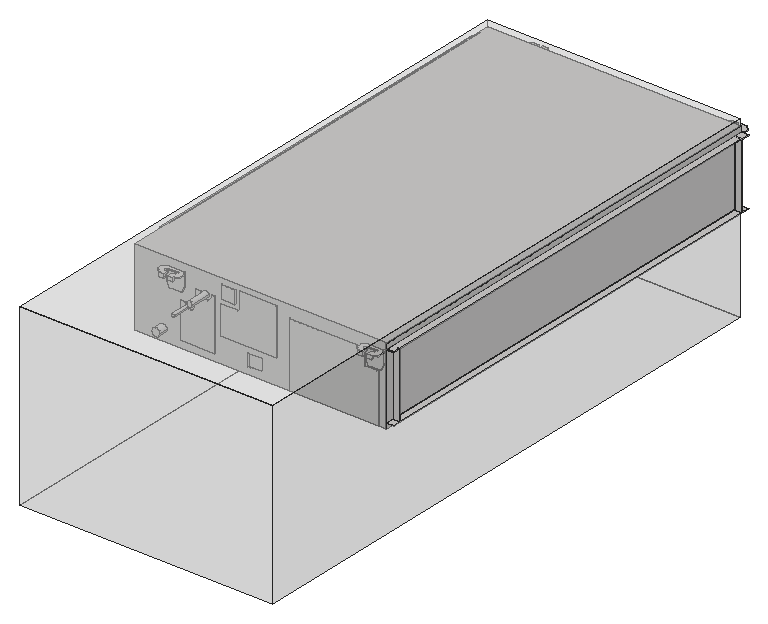
Revit family "outputfile", category 機械設備, Revit 2024
Family settings
  丸型コネクタ寸法 = 半径を使用
  パーツ タイプ = 標準
  OmniClass 番号 = 23.75.10.24.21.27.27
  OmniClass タイトル = Split System Air Conditioning Units
  作業面ベース = いいえ
  常に垂直 = はい
  ロード時にボイドで切り取り = いいえ
  注釈の向きを維持 = いいえ
  共有 = いいえ
  部屋計算ポイント = はい
Parameters (values of type "FBFC100DVM9")
  Description = ""
  製造元 = "Daikin"
  書き出し IFC クラス(タイプ) = "IfcUnitaryEquipmentType"
  定義済み IFC タイプ(タイプ) = "AIRCONDITIONINGUNIT"
  Cost = 0
  モデル = "FBFC100DVM9"
  Type Comments = ""
  Keynote = ""
  Type Image = (empty or 0)
  Assembly Code = ""
  switch_frequency = yes
  r_Liquid Pipe Size = Liquid Pipe Size / 2  # 4.75 mm
  r_Gas Pipe Size = Gas Pipe Size / 2  # 7.95 mm
  r_Drain Pipe Size = Drain Pipe Size / 2  # 12.5 mm
  lw_power = 770.0 mm  # constant formula
  lh_SA = 138.0 mm  # constant formula
  lw_SA = if(Depth = 550.0 mm, 225.0 mm, if(Depth = 700.0 mm, 300.0 mm, if(Depth = 1000.0 mm, 450.0 mm, if(Depth = 1400.0 mm, 650.0 mm, 725.0 mm))))  # 650.0 mm
  lw_RA = if(Depth = 550.0 mm, 275.0 mm, if(Depth = 700.0 mm, 349.0 mm, if(Depth = 1000.0 mm, 499.0 mm, if(Depth = 1400.0 mm, 699.0 mm, 775.0 mm))))  # 699.0 mm
  lh_power = 60.0 mm + [h***]  # 60.0 mm
  lh_mountinghole1 = lh_mountinghole + [h***]  # 222.0 mm
  lh_RA = 123.0 mm  # constant formula
  ld_power = Depth / 2  # 700.0 mm
  connector_voltage = Voltage_50Hz  # 230 V
  connector_powerinput = [Power Input (Cooling)]  # 0.000 kW
  connector_phase = Phase_50Hz  # 1
  Voltage_comment_50Hz = "220 - 240"
  Voltage_50Hz = 230 V
  URL = ""
  Supply Air Direction [instance] = yes
  Sound Power Level_H speed (dB) = 0
  Phase_50Hz = 1
  Minimum External Static Pressure = 50.00 Pa
  Minimum Circuit Amps_50Hz = 0.0 A
  Maximum Fuse Amps_50Hz = 0.0 A
  Maximum External Static Pressure = 150.00 Pa
  Material_Casing = DAIKIN_GalvanizedSteel_Casing_indoorunit
  lw_mountinghole = 630.0 mm  # constant formula
  lh_gaspipe = 183.0 mm + [h***]  # 183.0 mm
  lh_mountinghole = 222.0 mm  # constant formula
  lh_liquidpipe = 136.0 mm + [h***]  # 136.0 mm
  lh_drainpipe = 38.0 mm + [h***]  # 38.0 mm
  lh_antena = Height - lh_mountinghole + 1.0 mm  # 24.0 mm
  ld_drainpipe = Depth / 2 + 26.0 mm  # 726.0 mm
  ld_liquidpipe = Depth / 2 + 69.0 mm  # 769.0 mm
  ld_gaspipe = Depth / 2 + 65.0 mm  # 765.0 mm
  ld_mountinghole = Depth + 38.0 mm  # 1438.0 mm
  h*** = 0.0 mm  # constant formula
  lw_liquidpipe = 179.0 mm  # constant formula
  lw_gaspipe = 229.0 mm  # constant formula
  lw_drainpipe = 91.0 mm  # constant formula
  Width = 800.0 mm
  Version = "ver.1.0"
  Unit Type = "M.S.P. Duct"
  Unit Mass Weight = 46.00 kg
  Unit Designation [instance] = ""
  Uniclass2015Version = "Products v1.30"
  Uniclass2015Title = "Split coil room air conditioning units"
  Uniclass2015Code = "Pr_70_65_03_86"
  Total Cooling Capacity [instance] = 0.000 kW
  Sound Pressure Level_M speed (dBA) = 37.5
  Sound Pressure Level_L speed (dBA) = 35
  Sound Pressure Level_H speed (dBA) = 40
  Series = "SkyAir_Fan Coil Unit"
  Sensible Cooling Capacity [instance] = 0.000 kW
  SA Duct Size Width = 1192.0 mm
  SA Duct Size Height = 176.0 mm
  Refrigerant Type = "R32"
  RA Duct Size Width = 1352.0 mm
  RA Duct Size Height = 208.0 mm
  Power Input (Cooling) = 0.000 kW
  Option Accessory 3 [instance] = ""
  Option Accessory 2 [instance] = ""
  Option Accessory 1 [instance] = ""
  Nominal Cooling Capacity = 10.000 kW
  Minimum Airflow = 1500.00 m³/h
  Median Airflow = 1830.00 m³/h
  Maximum Airflow = 2160.00 m³/h
  Load Classification = HVAC
  Liquid Pipe Size = 9.5 mm
  Link_Nested Family [instance] = ""
  IfcVersion = ""
  IfcExportType = "AIRCONDITIONINGUNIT"
  IfcExportAs = "IfcUnitaryEquipmentType"
  Height = 245.0 mm
  Heat Exchanger Type = "Cross Fin Coil"
  Gas Pipe Size = 15.9 mm
  Frequency_50Hz = 50 Hz
  Fan Type = "Sirocco Fan"
  Fan Drive = "Direct Drive"
  FCU Tag No. [instance] = ""
  Drain Pipe Size = 25.0 mm
  Design Supply Airflow [instance] = 0.00 m³/h
  Design Return Airflow [instance] = 0.00 m³/h
  Design External Static Pressure [instance] = 0.00 Pa
  Depth = 1400.0 mm
  既定の高さ = 0.0 mm
  Cooling Entering Wet Bulb Temperature [instance] = 0.00 °C
  Cooling Entering Dry Bulb Temperature [instance] = 0.00 °C
  Cooling Ambient Wet Bulb Temperature [instance] = 0.00 °C
  Cooling Ambient Dry Bulb Temperature [instance] = 0.00 °C
  Clearance visibility [instance] = yes
  Clearance Top = 20.0 mm
  Clearance Right = 0.0 mm
  Clearance Rear = 0.0 mm
  Clearance Left = 0.0 mm
  Clearance Front = 450.0 mm
  Clearance Bottom = 300.0 mm
Reference planes
  plane 1 "Center (Front/Back)": y = 0
  plane 2 "h": z = 0
  plane 3 "Center (Left/Right)": x = 0
  plane 4 "Back": y = 700
  plane 5 "Front": y = -700
  plane 6 "Left": x = -400
  plane 7 "Right": x = 400
  plane 8 "Top": z = 0
  plane 9 "Bottom": z = -245
  plane 10: y = -215
  plane 11: y = 700
  plane 12: y = -1150
  plane 13: x = -400
  plane 14: x = 400
  plane 15: z = 20
  plane 16: z = -545
  plane 17: x = -400
  plane 18: x = -399
  plane 19: x = 399
  plane 20: y = 50
  plane 21: y = -1
  plane 22: z = -122
  plane 23: y = -701
  plane 24: z = -109
  plane 25: x = -221
  plane 26: y = -765
  plane 27: z = -62
  plane 28: x = -171
  plane 29: y = -726
  plane 30: z = -207
  plane 31: x = -309
  plane 32: x = -309
  plane 33: x = -221
  plane 34: x = -171
  plane 35: x = 370
  plane 36: x = -266
  plane 37: x = 364
  plane 38: y = -719
  plane 39: y = 719
  plane 40: z = -23
  plane 41: z = -107
  plane 42: y = -769
  plane 43: y = -376
  plane 44: x = -251
  plane 45: x = -203
  plane 46: x = -144
  plane 47: z = -59
  plane 48: z = -106
  plane 49: z = -221
  plane 50: z = -109
  plane 51: x = -221
  plane 52: z = -62
  plane 53: x = -171
  plane 54: z = -17
  plane 55: z = -59
  plane 56: x = -121
  plane 57: x = -79
  plane 58: x = -125
  plane 59: x = -64
  plane 60: x = 53
  plane 61: z = -164
  plane 62: z = -73
  plane 63: z = -16
  plane 64: x = 93.5
  plane 65: x = 374.5
  plane 66: x = 330
  plane 67: z = -88.5
  plane 68: z = -38
  plane 69: z = -242.5
  plane 70: x = -38.5
  plane 71: x = 6.5
  plane 72: z = -181
  plane 73: z = -221
  plane 74: y = -699
  plane 75: x = -424
  plane 76: x = 424
Forms (mm)
  Extrusion 1, solid, material "DAIKIN_GalvanizedSteel_Casing_indoorunit" <- "Material_Casing"
    sketch origin (0, 0, 0) x (1, 0, 0) y (0, 1, 0)
      loop
        line (-399, 700) -> (-399, -700) -> (399, -700) -> (399, 700) -> (-399, 700)
    from -245 to 0
  Extrusion 2, solid, material "DAIKIN_GalvanizedSteel_Casing_indoorunit" <- "Material_Casing"
    sketch origin (0, 0, 0) x (1, 0, 0) y (0, 0, 1)
      loop
        line (-251, -221) -> (-144, -221) -> (-144, -59) -> (-154.47, -59)
        arc (-154.47, -59) -> (-171, -78.8) -> (-187.53, -59) r 16.8
        line (-187.53, -59) -> (-203, -59) -> (-203, -106) -> (-206.916, -106)
        arc (-206.916, -106) -> (-221, -123.4) -> (-235.084, -106) r 14.4
        line (-235.084, -106) -> (-251, -106) -> (-251, -221)
    from 700 to 701
  Extrusion 3, solid, material "DAIKIN_GalvanizedSteel_Casing_indoorunit" <- "Material_Casing"
    sketch origin (0, 0, 0) x (1, 0, 0) y (0, 0, 1)
      loop
        line (-121, -17) -> (-121, -59) -> (-79, -59) -> (-79, -17) -> (-121, -17)
      loop
        line (-125, -73) -> (-125, -164) -> (53, -164) -> (53, -16) -> (-64, -16) -> (-64, -73) -> (-125, -73)
    from 700 to 701
  Extrusion 4, solid, material "DAIKIN_GalvanizedSteel_Casing_indoorunit" <- "Material_Casing"
    sketch origin (0, 0, 0) x (1, 0, 0) y (0, 0, 1)
      loop
        line (93.5, -38) -> (93.5, -242.5) -> (374.5, -242.5) -> (374.5, -88.5) -> (330, -88.5) -> (330, -38) -> (93.5, -38)
    from 700 to 701
  Extrusion 5, solid, material "DAIKIN_GalvanizedSteel_Casing_indoorunit" <- "Material_Casing"
    sketch origin (0, 0, 0) x (1, 0, 0) y (0, 0, 1)
      loop
        circle (-221, -109) r 4.75
    from 700 to 769
  Extrusion 6, solid, material "DAIKIN_GalvanizedSteel_Casing_indoorunit" <- "Material_Casing"
    sketch origin (0, 0, 0) x (1, 0, 0) y (0, 0, 1)
      loop
        circle (-171, -62) r 7.95
    from 700 to 765
  Extrusion 7, solid, material "DAIKIN_GalvanizedSteel_Casing_indoorunit" <- "Material_Casing"
    sketch origin (0, 0, 0) x (1, 0, 0) y (0, 0, 1)
      loop
        circle (-309, -207) r 12.5
    from 700 to 726
  Extrusion 8, void
    sketch origin (0, 0, 0) x (1, 0, 0) y (0, 0, 1)
      loop
        line (-38.5, -181) -> (-38.5, -221) -> (6.5, -221) -> (6.5, -181) -> (-38.5, -181)
    from 699 to 700
Cuts and joins
  Extrusion 8 cuts Extrusion 1
Dimensions and locks
  "Height": plane 8 "Top" to plane 9 "Bottom"
  equal spacing: plane 4 "Back", plane 1 "Center (Front/Back)", plane 5 "Front"
  "Depth": plane 4 "Back" to plane 5 "Front"
  equal spacing: plane 6 "Left", plane 3 "Center (Left/Right)", plane 7 "Right"
  "Width": plane 6 "Left" to plane 7 "Right"
  "Clearance Left": plane 13 to plane 6 "Left"
  "Clearance Right": plane 7 "Right" to plane 14
  "Clearance Rear": plane 11 to plane 4 "Back"
  "Clearance Front": plane 5 "Front" to plane 12
  "Clearance Top": plane 15 to plane 8 "Top"
  "Clearance Bottom": plane 9 "Bottom" to plane 16
  locked: plane 17 to plane 18 at 1
  locked: plane 19 to plane 14 at 1
  "lw_SA": plane 11 to plane 20
  "lw_RA": plane 21 to plane 5 "Front"
  "lh_RA": plane 22 to plane 9 "Bottom"
  locked: plane 5 "Front" to plane 23 at 1
  "lw_liquidpipe": plane 25 to plane 6 "Left"
  "lh_liquidpipe": plane 24 to plane 9 "Bottom"
  "lh_gaspipe": plane 27 to plane 9 "Bottom"
  "lw_gaspipe": plane 28 to plane 6 "Left"
  "ld_gaspipe": plane 26 to plane 1 "Center (Front/Back)"
  "ld_drainpipe": plane 29 to plane 1 "Center (Front/Back)"
  "lh_drainpipe": plane 30 to plane 9 "Bottom"
  "lw_drainpipe": plane 31 to plane 6 "Left"
  "lw_drainpipe": plane 6 "Left" to plane 32
  "lw_liquidpipe": plane 6 "Left" to plane 33
  "lw_gaspipe": plane 6 "Left" to plane 34
  "lw_power": plane 6 "Left" to plane 35
  locked: plane 17 to plane 36 at 134
  "lw_mountinghole": plane 36 to plane 37
  equal spacing: plane 38, plane 1 "Center (Front/Back)", plane 39
  "ld_mountinghole": plane 39 to plane 38
  "lh_mountinghole": plane 40 to plane 9 "Bottom"
  "lh_SA": plane 41 to plane 9 "Bottom"
  plane 46 to plane 45 to plane 44 to plane 6 "Left" = 59.0 mm, 48.0 mm, 149.0 mm
  plane 8 "Top" to plane 47 to plane 48 to plane 49 = 59.0 mm locked, 47.0 mm locked, 115.0 mm locked
  plane 53 to plane 51 to plane 6 "Left" = 50.0 mm locked, 179.0 mm locked
  plane 52 to plane 50 to plane 9 "Bottom" = 47.0 mm locked, 136.0 mm locked
  plane 57 to plane 56 to plane 6 "Left" = 42.0 mm locked, 279.0 mm locked
  plane 8 "Top" to plane 54 to plane 55 = 17.0 mm locked, 42.0 mm locked
  plane 60 to plane 59 to plane 58 to plane 6 "Left" = 117.0 mm, 61.0 mm, 275.0 mm
  plane 8 "Top" to plane 63 to plane 62 = 16.0 mm locked, 57.0 mm locked
  locked: plane 63 to plane 61 at 148
  plane 8 "Top" to plane 68 to plane 67 to plane 69 = 38.0 mm locked, 50.5 mm locked, 154.0 mm locked
  plane 65 to plane 66 to plane 64 to plane 6 "Left" = 44.5 mm locked, 236.5 mm locked, 493.5 mm locked
  plane 8 "Top" to plane 72 to plane 73 = 181.0 mm locked, 40.0 mm locked
  plane 71 to plane 70 to plane 6 "Left" = 45.0 mm, 361.5 mm
  locked: plane 74 to plane 5 "Front" at 1
  locked: plane 75 to plane 17 at 24
  locked: plane 14 to plane 76 at 24
  "ld_liquidpipe": plane 42 to plane 1 "Center (Front/Back)"
  "r_Liquid Pipe Size": radius of Extrusion 5 sketch curve
  "r_Gas Pipe Size": radius of Extrusion 6 sketch curve
  "r_Drain Pipe Size": radius of Extrusion 7 sketch curve
  aligned and locked: level to plane 2 "h"
  aligned and locked: plane 8 "Top" to Extrusion 1
  aligned and locked: Extrusion 1 to plane 9 "Bottom"
  aligned and locked: nested 5 to plane 12
  aligned and locked: plane 13 to nested 5
  aligned and locked: plane 14 to nested 5
  aligned and locked: nested 5 to plane 13
  aligned and locked: plane 11 to nested 5
  aligned and locked: plane 15 to nested 5
  aligned and locked: plane 16 to nested 5
  aligned and locked: plane 5 "Front" to Extrusion 1 sketch curve
  aligned and locked: Extrusion 1 to plane 18
  aligned and locked: plane 19 to Extrusion 1
  aligned and locked: nested 7 to plane 18
  aligned and locked: nested 7 to plane 20
  aligned and locked: plane 19 to nested 8
  aligned and locked: plane 21 to nested 8
  aligned and locked: plane 22 to nested 8
  aligned and locked: Extrusion 2 to plane 23
  aligned and locked: plane 5 "Front" to Extrusion 2
  aligned and locked: Extrusion 3 to plane 23
  aligned and locked: plane 5 "Front" to Extrusion 3
  aligned and locked: plane 5 "Front" to Extrusion 4
  aligned and locked: Extrusion 5 sketch curve to plane 25
  aligned and locked: plane 24 to Extrusion 5 sketch curve
  aligned and locked: plane 5 "Front" to Extrusion 5
  aligned and locked: Extrusion 6 sketch curve to plane 28
  aligned and locked: plane 27 to Extrusion 6 sketch curve
  aligned and locked: plane 5 "Front" to Extrusion 6
  aligned and locked: Extrusion 7 sketch curve to plane 31
  aligned and locked: plane 30 to Extrusion 7 sketch curve
  aligned and locked: Extrusion 7 to plane 29
  aligned and locked: nested 3 to plane 29
  aligned and locked: nested 3 to plane 32
  aligned and locked: nested 2 to plane 33
  aligned and locked: nested 1 to plane 34
  aligned and locked: Extrusion 6 to plane 26
  aligned and locked: nested 1 to plane 26
  aligned and locked: nested 6 to plane 5 "Front"
  aligned and locked: nested 6 to plane 35
  aligned and locked: plane 36 to nested 10
  aligned and locked: nested 10 to plane 5 "Front"
  aligned and locked: plane 37 to nested 9
  aligned and locked: nested 9 to plane 5 "Front"
  aligned and locked: nested 11 to plane 36
  aligned and locked: plane 4 "Back" to nested 11
  aligned and locked: nested 12 to plane 37
  aligned and locked: plane 4 "Back" to nested 12
  aligned and locked: plane 40 to nested 10
  aligned and locked: plane 40 to nested 11
  aligned and locked: plane 40 to nested 9
  aligned and locked: plane 40 to nested 12
  aligned and locked: plane 36 to nested 14
  aligned and locked: nested 14 to plane 39
  aligned and locked: plane 37 to nested 13
  aligned and locked: nested 13 to plane 39
  aligned and locked: plane 37 to nested 16
  aligned and locked: plane 38 to nested 16
  aligned and locked: plane 38 to nested 15
  aligned and locked: plane 36 to nested 15
  aligned and locked: plane 17 to plane 6 "Left"
  aligned and locked: plane 41 to nested 7
  aligned and locked: Extrusion 5 to plane 42
  aligned and locked: nested 2 to plane 42
  aligned and locked: Extrusion 3 sketch curve to plane 54
  aligned and locked: Extrusion 3 sketch curve to plane 56
  aligned and locked: plane 55 to Extrusion 3 sketch curve
  aligned and locked: plane 57 to Extrusion 3 sketch curve
  aligned and locked: Extrusion 4 to plane 23
  aligned and locked: Extrusion 8 sketch curve to plane 72
  aligned and locked: plane 73 to Extrusion 8 sketch curve
  aligned and locked: plane 71 to Extrusion 8 sketch curve
  aligned and locked: plane 5 "Front" to Extrusion 8
  aligned and locked: plane 74 to Extrusion 8
  aligned and locked: nested 17 to plane 20
  aligned and locked: nested 17 to plane 75
  aligned and locked: plane 21 to nested 18
  aligned and locked: plane 76 to nested 18
  aligned and locked: plane 41 to nested 17
  aligned and locked: nested 18 to plane 22
  aligned and locked: nested 4 to plane 3 "Center (Left/Right)"
  aligned and locked: plane 1 "Center (Front/Back)" to nested 4
  aligned and locked: level to plane 8 "Top"
  aligned and locked: plane 5 "Front" to Extrusion 7
Automatic sketch dimensions
  plane 6 "Left" to Extrusion 1 sketch curve = 1.0 mm
  Extrusion 1 sketch curve to plane 7 "Right" = 1.0 mm
  Extrusion 1 sketch curve to plane 4 "Back" = 0.0 mm
  Extrusion 2 sketch curve to plane 44 = 0.0 mm
  Extrusion 2 sketch curve to plane 33 = 0.0 mm
  Extrusion 2 sketch curve to plane 45 = 0.0 mm
  Extrusion 2 sketch curve to plane 34 = 0.0 mm
  Extrusion 2 sketch curve to plane 46 = 0.0 mm
  Extrusion 2 sketch curve to plane 49 = 0.0 mm
  Extrusion 2 sketch curve to plane 50 = 0.0 mm
  Extrusion 2 sketch curve to plane 48 = 0.0 mm  (x3)
  Extrusion 2 sketch curve to plane 52 = 0.0 mm
  Extrusion 2 sketch curve to plane 47 = 0.0 mm  (x3)
  plane 33 to Extrusion 2 sketch curve = 14.084 mm
  plane 34 to Extrusion 2 sketch curve = 16.53 mm
  Extrusion 3 sketch curve to plane 58 = 0.0 mm
  Extrusion 3 sketch curve to plane 59 = 0.0 mm
  Extrusion 3 sketch curve to plane 60 = 0.0 mm
  Extrusion 3 sketch curve to plane 61 = 0.0 mm
  Extrusion 3 sketch curve to plane 62 = 0.0 mm
  Extrusion 3 sketch curve to plane 63 = 0.0 mm
  Extrusion 4 sketch curve to plane 64 = 0.0 mm
  Extrusion 4 sketch curve to plane 66 = 0.0 mm
  Extrusion 4 sketch curve to plane 65 = 0.0 mm
  Extrusion 4 sketch curve to plane 69 = 0.0 mm
  Extrusion 4 sketch curve to plane 67 = 0.0 mm
  Extrusion 4 sketch curve to plane 68 = 0.0 mm
  Extrusion 8 sketch curve to plane 70 = 0.0 mm
Nested families
  nested 1: "daikin_connector_rotate2" at (-171, 0, -62), length <- "ld_gaspipe", built-in parameter 1001364 <- "lh_gaspipe", radius <- "r_Gas Pipe Size", type "daikin_connector_rotate2"
    with radius 7.95 mm, length 765.0 mm, angle_vertical 90.00°
  nested 2: "daikin_connector_rotate2" at (-221, 0, -109), length <- "ld_liquidpipe", built-in parameter 1001364 <- "lh_liquidpipe", radius <- "r_Liquid Pipe Size", type "daikin_connector_rotate2"
    with radius 4.75 mm, length 769.0 mm, angle_vertical 90.00°
  nested 3: "daikin_connector_rotate2" at (-309, 0, -207), length <- "ld_drainpipe", built-in parameter 1001364 <- "lh_drainpipe", radius <- "r_Drain Pipe Size", type "daikin_connector_rotate2"
    with radius 12.5 mm, length 726.0 mm, angle_vertical 90.00°
  nested 4: "daikin_△_symbolicline" at (0, 0, 245) x (0, -1, 0) z (0, 0, 1), built-in parameter 1001364 <- "Height", visible <- "Supply Air Direction", type "daikin_△_symbolicline"
    with length 200.0 mm
  nested 5: "daikin_clearancespace" at (0, -225, -262.381), visible <- "Clearance visibility", show <- "Clearance visibility", Link_Nested Family <- "Link_Nested Family", type "daikin_clearancespace"
    with width 800.0 mm, show yes, height 565.0 mm, depth 1850.0 mm, Link_Nested Family ""
  nested 6: "daikin_connector_rotate2" at (370, 0, -185), built-in parameter 1001364 <- "lh_power", length <- "ld_power", type "daikin_connector_rotate2"
    with radius 10.0 mm, length 700.0 mm, angle_vertical 90.00°
  nested 7: "daikin_ductflange_FBFC-DVM92" at (-399, 50, -107) x (0, -1, 0) z (0, 0, 1), type "daikin_ductflange_FBFC-DVM92"
  nested 8: "daikin_ductflange_FBFC-DVM9" at (399, -1, -122) x (0, 1, 0) z (0, 0, 1), type "daikin_ductflange_FBFC-DVM9"
    with width 1352.0 mm, lw 25.0 mm, w 1400.0 mm
  nested 9: "daikin_hangerfixture_FBFC-DVM9" at (364, -700, -23), type "daikin_hangerfixture_FBFC-DVM9"
  nested 10: "daikin_hangerfixture_FBFC-DVM9" at (-266, -700, -23), type "daikin_hangerfixture_FBFC-DVM9"
  nested 11: "daikin_hangerfixture_FBFC-DVM9" at (-266, 700, -23) x (-1, 0, 0) z (0, 0, 1), type "daikin_hangerfixture_FBFC-DVM9"
  nested 12: "daikin_hangerfixture_FBFC-DVM9" at (364, 700, -23) x (-1, 0, 0) z (0, 0, 1), type "daikin_hangerfixture_FBFC-DVM9"
  nested 13: "daikin_mountinghole" at (364, 719, -245), h_mountinghole <- "lh_mountinghole1", l_antenna <- "lh_antena", Link_Nested Family <- "Link_Nested Family", type "daikin_mountinghole"
    with show yes, l_antenna 24.0 mm, h_mountinghole 222.0 mm, Link_Nested Family ""
  nested 14: "daikin_mountinghole" at (-266, 719, -245), h_mountinghole <- "lh_mountinghole1", l_antenna <- "lh_antena", Link_Nested Family <- "Link_Nested Family", type "daikin_mountinghole"
    with show yes, l_antenna 24.0 mm, h_mountinghole 222.0 mm, Link_Nested Family ""
  nested 15: "daikin_mountinghole" at (-266, -719, -245), h_mountinghole <- "lh_mountinghole1", l_antenna <- "lh_antena", Link_Nested Family <- "Link_Nested Family", type "daikin_mountinghole"
    with show yes, l_antenna 24.0 mm, h_mountinghole 222.0 mm, Link_Nested Family ""
  nested 16: "daikin_mountinghole" at (364, -719, -245), h_mountinghole <- "lh_mountinghole1", l_antenna <- "lh_antena", Link_Nested Family <- "Link_Nested Family", type "daikin_mountinghole"
    with show yes, l_antenna 24.0 mm, h_mountinghole 222.0 mm, Link_Nested Family ""
  nested 17: "daikin_connector_rotate2" at (-400, 50, -107) x (0, -1, 0) z (0, 0, 1), type "daikin_connector_rotate2"
    with radius 10.0 mm, length 24.0 mm, angle_vertical 90.00°
  nested 18: "daikin_connector_rotate2" at (400, -1, -122) x (0, 1, 0) z (0, 0, 1), type "daikin_connector_rotate2"
    with radius 10.0 mm, length 24.0 mm, angle_vertical 90.00°
Connectors
  piping at (-309, -726, -207), diameter 25, driven by "r_Drain Pipe Size"
    settings: on nested 3, index 3, connector inside diameter 609.6 mm, connector length 0.0 mm, flow factor 0, pipe flow 0.00 m³/h, pressure drop 0.0 Pa, fitting loss kfactor 0, connector angle 0.00°, fixture units 0, engagement length 0.0 mm, angle of deflection 0.00°, flow configuration 1, flow direction 2, fitting loss method 4, system type 16, joint type 0, gender type 0, connector reference index -1, connector utility 0, adjustable connector no, is connector primary yes, connector description "Condensate Drain Piping"
  piping at (-171, -765, -62), diameter 15.9, driven by "r_Gas Pipe Size"
    settings: on nested 1, index 4, connector inside diameter 609.6 mm, connector length 0.0 mm, flow factor 0, pipe flow 0.00 m³/h, pressure drop 0.0 Pa, fitting loss kfactor 0, connector angle 0.00°, fixture units 0, engagement length 0.0 mm, angle of deflection 0.00°, flow configuration 1, flow direction 2, fitting loss method 0, system type 29, joint type 0, gender type 0, connector reference index -1, connector utility 0, adjustable connector no, is connector primary no, connector description "Refrigerant Gas Piping"
  piping at (-221, -769, -109), diameter 9.5, driven by "r_Liquid Pipe Size"
    settings: on nested 2, index 5, connector inside diameter 609.6 mm, connector length 0.0 mm, flow factor 0, pipe flow 0.00 m³/h, pressure drop 0.0 Pa, fitting loss kfactor 0, connector angle 0.00°, fixture units 0, engagement length 0.0 mm, angle of deflection 0.00°, flow configuration 1, flow direction 1, fitting loss method 0, system type 29, joint type 0, gender type 0, connector reference index -1, connector utility 0, adjustable connector no, is connector primary no, connector description "Refrigerant Liquid Piping"
  electrical at (370, -700, -185), driven by "Load Classification", driven by "connector_phase", driven by "connector_powerinput", driven by "connector_voltage"
    settings: on nested 6, index 6, voltage 230 V, apparent load 0 VA, apparent load phase1 0 VA, apparent load phase2 0 VA, apparent load phase3 0 VA, power factor 1, load classification "HVAC", number of poles 1, system type 30, power factor state 1, is connector primary yes, connector utility no, sub classification motor no, connector description "Power Supply"
  hvac at (-424, 50, -107), driven by "SA Duct Size Height", driven by "SA Duct Size Width"
    settings: on nested 17, index 7, duct flow 0.00 m³/h, flow factor 0, pres drop 0.00 Pa, loss coef 0, conn angle 0.00°, conn width 1192.0 mm, conn height 176.0 mm, conn diameter 609.6 mm, duct sys type 1, conn prof type 1, flow config 0, flow direction 2, loss method 4, conn ref index -1, conn util no, is conn primary yes, conn desc "SA Duct"
  hvac at (424, -1, -122), driven by "RA Duct Size Height", driven by "RA Duct Size Width"
    settings: on nested 18, index 8, duct flow 0.00 m³/h, flow factor 0, pres drop 0.00 Pa, loss coef 0, conn angle 0.00°, conn width 1352.0 mm, conn height 208.0 mm, conn diameter 609.6 mm, duct sys type 2, conn prof type 1, flow config 0, flow direction 1, loss method 4, conn ref index -1, conn util no, is conn primary no, conn desc "RA Duct"
Definition of nested family "daikin_clearancespace"
  Parameters (values of type "daikin_clearancespace")
    Description = "daikin_clearancespace"
    width [instance] = 1823.963 mm
    show [instance] = yes
    material = none
    height [instance] = 1359.762 mm
    depth [instance] = 880.0 mm
    Default Elevation = 0.0 mm
    Link_Nested Family [instance] = ""
  Reference planes
    plane 1 "Center (Front/Back)": y = 0
    plane 2 "Center (Elevation)": z = -0.119
    plane 3 "Center (Left/Right)": x = 0
    plane 4: y = 440
    plane 5: y = -440
    plane 6 "Right": x = 911.982
    plane 7 "Left": x = -911.982
    plane 8 "Top": z = 679.762
    plane 9 "Bottom": z = -680
  Forms (mm)
    Extrusion 1, solid, material <- "material", visible <- "show"
      sketch origin (0, 0, 0) x (1, 0, 0) y (0, 1, 0)
        loop
          line (-911.982, 440) -> (-911.982, -440) -> (911.982, -440) -> (911.982, 440) -> (-911.982, 440)
      from -680 to 679.762
  Lines and regions (mm)
    symbolic lines, visible <- "show"
      curve 1: line (911.982, 440, 0) -> (-911.982, 440, 0)
      curve 2: line (-911.982, 440, 0) -> (-911.982, -440, 0)
      curve 3: line (-911.982, -440, 0) -> (911.982, -440, 0)
      curve 4: line (911.982, -440, 0) -> (911.982, 440, 0)
      curve 5: line (911.982, 0, 679.762) -> (-911.982, 0, 679.762)
      curve 6: line (911.982, 0, -680) -> (911.982, 0, 679.762)
      curve 7: line (-911.982, 0, -680) -> (911.982, 0, -680)
      curve 8: line (-911.982, 0, 679.762) -> (-911.982, 0, -680)
      curve 9: line (0, 440, 679.762) -> (0, -440, 679.762)
      curve 10: line (0, -440, 679.762) -> (0, -440, -680)
      curve 11: line (0, 440, -680) -> (0, 440, 679.762)
      curve 12: line (0, -440, -680) -> (0, 440, -680)
  Dimensions and locks
    "width": plane 7 "Left" to plane 6 "Right"
    "depth": plane 4 to plane 5
    "height": plane 8 "Top" to plane 9 "Bottom"
    equal spacing: plane 7 "Left", plane 3 "Center (Left/Right)", plane 6 "Right"
    equal spacing: plane 4, plane 1 "Center (Front/Back)", plane 5
    equal spacing: plane 8 "Top", plane 2 "Center (Elevation)", plane 9 "Bottom"
    aligned and locked: level to plane 2 "Center (Elevation)"
    aligned and locked: Extrusion 1 sketch curve to plane 4
    aligned and locked: plane 7 "Left" to Extrusion 1 sketch curve
    aligned and locked: Extrusion 1 sketch curve to plane 5
    aligned and locked: Extrusion 1 sketch curve to plane 6 "Right"
    aligned and locked: plane 8 "Top" to Extrusion 1
    aligned and locked: curve 1 to Extrusion 1
    aligned and locked: curve 2 to Extrusion 1
    aligned and locked: curve 3 to Extrusion 1
    aligned and locked: curve 4 to Extrusion 1
    aligned and locked: curve 5 to Extrusion 1
    aligned and locked: curve 6 to Extrusion 1
    aligned and locked: curve 7 to Extrusion 1
    aligned and locked: curve 8 to Extrusion 1
    aligned and locked: curve 9 to Extrusion 1
    aligned and locked: curve 10 to Extrusion 1
    aligned and locked: curve 11 to Extrusion 1
    aligned and locked: curve 12 to Extrusion 1
    aligned and locked: Extrusion 1 to plane 9 "Bottom"
Definition of nested family "daikin_ductflange_FBFC-DVM92"
  Parameters (values of type "daikin_ductflange_FBFC-DVMG2")
    width = if(w = 550.0 mm, 337.0 mm, if(w = 700.0 mm, 492.0 mm, if(w = 1000.0 mm, 792.0 mm, if(w = 1400.0 mm, 1192.0 mm, 1337.0 mm))))  # 1192.0 mm
    material = none
    height = 215.0 mm
    depth = 1.0 mm
    w = 1400.0 mm
    Default Elevation = 0.0 mm
  Reference planes
    plane 1 "Center (Front/Back)": y = 0
    plane 2: z = 0
    plane 3 "Center (Left/Right)": x = 0
    plane 4: z = 88
    plane 5: z = -88
    plane 6: y = -25
    plane 7: z = 106
    plane 8: z = 89
    plane 9: y = -1
    plane 10: x = -617.5
    plane 11: x = 617.5
    plane 12: z = -106
    plane 13: z = -89
    plane 14: y = -1
    plane 15: x = 596
    plane 16: x = -596
    plane 17: x = 597
    plane 18: z = 87
    plane 19: z = -87
    plane 20: x = -597
    plane 21: z = 87
    plane 22: z = -87
    plane 23: y = -1
  Forms (mm)
    Extrusion 1, solid, material <- "material"
      sketch origin (0, 0, 0) x (0, 1, 0) y (0, 0, 1)
        loop
          line (-25, 88) -> (0, 88) -> (0, 106) -> (-1, 106) -> (-1, 89) -> (-25, 89) -> (-25, 88)
      from -617.5 to 617.5
    Extrusion 2, solid, material <- "material"
      sketch origin (0, 0, 0) x (0, 1, 0) y (0, 0, 1)
        loop
          line (-25, -88) -> (-25, -89) -> (-1, -89) -> (-1, -106) -> (0, -106) -> (0, -88) -> (-25, -88)
      from -617.5 to 617.5
    Extrusion 3, solid, material <- "material"
      sketch origin (0, 0, 0) x (1, 0, 0) y (0, 0, 1)
        loop
          line (596, 88) -> (596, -88) -> (617.5, -88) -> (617.5, -87) -> (597, -87) -> (597, 87) -> (617.5, 87) -> (617.5, 88) -> (596, 88)
      from 0 to 25
    Extrusion 4, solid, material <- "material"
      sketch origin (0, 0, 0) x (1, 0, 0) y (0, 0, 1)
        loop
          line (-617.5, 88) -> (-617.5, 87) -> (-597, 87) -> (-597, -87) -> (-617.5, -87) -> (-617.5, -88) -> (-596, -88) -> (-596, 88) -> (-617.5, 88)
      from 0 to 25
    Extrusion 5, solid, material <- "material"
      sketch origin (0, 0, 0) x (1, 0, 0) y (0, 0, 1)
        loop
          line (-617.5, 88) -> (-617.5, -88) -> (-596, -88) -> (-596, 88) -> (-617.5, 88)
        loop
          line (617.5, 88) -> (596, 88) -> (596, -88) -> (617.5, -88) -> (617.5, 88)
      from 0 to 1
  Cuts and joins
    joined: Extrusion 1, Extrusion 2, Extrusion 3, Extrusion 4, Extrusion 5
  Dimensions and locks
    plane 4 to level to plane 5 = 88.0 mm, 88.0 mm
    locked: plane 6 to plane 1 "Center (Front/Back)" at 25
    locked: plane 9 to plane 1 "Center (Front/Back)" at 1
    locked: plane 8 to plane 4 at 1
    locked: plane 16 to plane 10 at 21.5
    locked: plane 17 to plane 15 at 1
    locked: plane 4 to plane 18 at 1
    locked: plane 19 to plane 5 at 1
    "width": plane 15 to plane 16
    plane 4 to plane 5 = 176.0 mm
    locked: plane 16 to plane 20 at 1
    locked: plane 4 to plane 21 at 1
    locked: plane 22 to plane 5 at 1
    locked: plane 23 to plane 1 "Center (Front/Back)" at 1
    plane 4 to level to plane 5 = 88.0 mm locked, 88.0 mm locked
    locked: plane 5 to plane 13 at 1
    locked: plane 5 to plane 12 at 18
    locked: plane 7 to plane 4 at 18
    equal spacing: plane 15, plane 3 "Center (Left/Right)", plane 16
    locked: plane 11 to plane 15 at 21.5
    plane 11 to plane 10 = 1235.0 mm
    aligned and locked: level to plane 2
    aligned and locked: Extrusion 1 to plane 10
    aligned and locked: plane 11 to Extrusion 1
    aligned and locked: plane 5 to Extrusion 2
    aligned and locked: Extrusion 2 to plane 1 "Center (Front/Back)"
    aligned and locked: plane 15 to Extrusion 3 sketch curve
    aligned and locked: Extrusion 3 sketch curve to Extrusion 2  (x2)
    aligned and locked: Extrusion 3 sketch curve to plane 11
    aligned and locked: plane 6 to Extrusion 3
    aligned and locked: Extrusion 2 to plane 10
    aligned and locked: plane 11 to Extrusion 2
    aligned and locked: Extrusion 4 sketch curve to Extrusion 1  (x2)
    aligned and locked: plane 5 to Extrusion 4 sketch curve
    aligned and locked: Extrusion 4 sketch curve to plane 16
    aligned and locked: Extrusion 4 sketch curve to plane 22
    aligned and locked: plane 20 to Extrusion 4 sketch curve
    aligned and locked: plane 21 to Extrusion 4 sketch curve
    aligned and locked: Extrusion 4 to plane 1 "Center (Front/Back)"
    aligned and locked: plane 6 to Extrusion 4
    aligned and locked: Extrusion 5 sketch curve to Extrusion 1  (x4)
    aligned and locked: Extrusion 5 sketch curve to Extrusion 4  (x2)
    aligned and locked: Extrusion 5 sketch curve to Extrusion 3  (x2)
    aligned and locked: Extrusion 5 to plane 1 "Center (Front/Back)"
    aligned and locked: plane 23 to Extrusion 5
  Automatic sketch dimensions
    Extrusion 1 sketch curve to plane 6 = 0.0 mm
    Extrusion 1 sketch curve to plane 7 = 0.0 mm
    Extrusion 1 sketch curve to plane 9 = 0.0 mm
    Extrusion 1 sketch curve to plane 1 "Center (Front/Back)" = 0.0 mm
    Extrusion 1 sketch curve to plane 4 = 0.0 mm
    Extrusion 1 sketch curve to plane 8 = 0.0 mm
    Extrusion 2 sketch curve to plane 6 = 0.0 mm
    plane 12 to Extrusion 2 sketch curve = 0.0 mm
    Extrusion 2 sketch curve to plane 14 = 0.0 mm
    Extrusion 2 sketch curve to plane 1 "Center (Front/Back)" = 0.0 mm
    plane 13 to Extrusion 2 sketch curve = 0.0 mm
    Extrusion 2 sketch curve to plane 5 = 0.0 mm
    Extrusion 3 sketch curve to plane 17 = 0.0 mm
    Extrusion 3 sketch curve to plane 19 = 0.0 mm
    Extrusion 3 sketch curve to plane 18 = 0.0 mm
    Extrusion 3 sketch curve to plane 4 = 0.0 mm
    Extrusion 4 sketch curve to plane 10 = 0.0 mm
Definition of nested family "daikin_ductflange_FBFC-DVM9"
  Parameters (values of type "daikin_ductflange_FBFC-DVMG")
    width = if(w = 550.0 mm, 502.0 mm, if(w = 700.0 mm, 654.0 mm, if(w = 1000.0 mm, 952.0 mm, if(w = 1400.0 mm, 1352.0 mm, 1502.0 mm))))  # 654.0 mm
    material = none
    lw = if(width = 654.0 mm, 23.0 mm, 25.0 mm)  # 23.0 mm
    height = 208.0 mm
    depth = 1.0 mm
    w = 700.0 mm
    Default Elevation = 0.0 mm
  Reference planes
    plane 1 "Center (Front/Back)": y = 0
    plane 2: z = 0
    plane 3 "Center (Left/Right)": x = 0
    plane 4: z = 104
    plane 5: z = -104
    plane 6: y = -25
    plane 7: z = 121
    plane 8: z = 105
    plane 9: y = -1
    plane 10: x = -350
    plane 11: x = 350
    plane 12: z = -122
    plane 13: z = -105
    plane 14: y = -1
    plane 15: x = 327
    plane 16: x = -327
    plane 17: x = 328
    plane 18: z = 103
    plane 19: z = -103
    plane 20: x = -328
    plane 21: z = 103
    plane 22: z = -103
    plane 23: y = -1
  Forms (mm)
    Extrusion 1, solid, material <- "material"
      sketch origin (0, 0, 0) x (0, 1, 0) y (0, 0, 1)
        loop
          line (-25, 104) -> (0, 104) -> (0, 121) -> (-1, 121) -> (-1, 105) -> (-25, 105) -> (-25, 104)
      from -350 to 350
    Extrusion 2, solid, material <- "material"
      sketch origin (0, 0, 0) x (0, 1, 0) y (0, 0, 1)
        loop
          line (-25, -104) -> (-25, -105) -> (-1, -105) -> (-1, -122) -> (0, -122) -> (0, -104) -> (-25, -104)
      from -350 to 350
    Extrusion 3, solid, material <- "material"
      sketch origin (0, 0, 0) x (1, 0, 0) y (0, 0, 1)
        loop
          line (327, 104) -> (327, -104) -> (350, -104) -> (350, -103) -> (328, -103) -> (328, 103) -> (350, 103) -> (350, 104) -> (327, 104)
      from 0 to 25
    Extrusion 4, solid, material <- "material"
      sketch origin (0, 0, 0) x (1, 0, 0) y (0, 0, 1)
        loop
          line (-350, 104) -> (-350, 103) -> (-328, 103) -> (-328, -103) -> (-350, -103) -> (-350, -104) -> (-327, -104) -> (-327, 104) -> (-350, 104)
      from 0 to 25
    Extrusion 5, solid, material <- "material"
      sketch origin (0, 0, 0) x (1, 0, 0) y (0, 0, 1)
        loop
          line (-350, 104) -> (-350, -104) -> (-327, -104) -> (-327, 104) -> (-350, 104)
        loop
          line (350, 104) -> (327, 104) -> (327, -104) -> (350, -104) -> (350, 104)
      from 0 to 1
  Cuts and joins
    joined: Extrusion 1, Extrusion 2, Extrusion 3, Extrusion 4, Extrusion 5
  Dimensions and locks
    plane 4 to level to plane 5 = 104.0 mm, 104.0 mm
    locked: plane 6 to plane 1 "Center (Front/Back)" at 25
    locked: plane 9 to plane 1 "Center (Front/Back)" at 1
    locked: plane 8 to plane 4 at 1
    "lw": plane 11 to plane 15
    "lw": plane 16 to plane 10
    locked: plane 17 to plane 15 at 1
    locked: plane 4 to plane 18 at 1
    locked: plane 19 to plane 5 at 1
    "width": plane 15 to plane 16
    equal spacing: plane 15, plane 3 "Center (Left/Right)", plane 16
    locked: plane 16 to plane 20 at 1
    locked: plane 4 to plane 21 at 1
    locked: plane 22 to plane 5 at 1
    locked: plane 23 to plane 1 "Center (Front/Back)" at 1
    locked: plane 7 to plane 4 at 17
    locked: plane 1 "Center (Front/Back)" to plane 14 at 1
    locked: plane 5 to plane 13 at 1
    "height": plane 4 to plane 5
    plane 11 to plane 10 = 700.0 mm
    locked: plane 12 to plane 13 at 17
    equal spacing: plane 4, level, plane 5
    aligned and locked: level to plane 2
    aligned and locked: Extrusion 1 to plane 10
    aligned and locked: plane 11 to Extrusion 1
    aligned and locked: plane 5 to Extrusion 2
    aligned and locked: Extrusion 2 to plane 1 "Center (Front/Back)"
    aligned and locked: plane 15 to Extrusion 3 sketch curve
    aligned and locked: Extrusion 3 sketch curve to Extrusion 2  (x2)
    aligned and locked: Extrusion 3 sketch curve to plane 11
    aligned and locked: plane 6 to Extrusion 3
    aligned and locked: Extrusion 2 to plane 10
    aligned and locked: plane 11 to Extrusion 2
    aligned and locked: Extrusion 4 sketch curve to Extrusion 1  (x2)
    aligned and locked: plane 5 to Extrusion 4 sketch curve
    aligned and locked: Extrusion 4 sketch curve to plane 16
    aligned and locked: Extrusion 4 sketch curve to plane 22
    aligned and locked: plane 20 to Extrusion 4 sketch curve
    aligned and locked: plane 21 to Extrusion 4 sketch curve
    aligned and locked: Extrusion 4 to plane 1 "Center (Front/Back)"
    aligned and locked: plane 6 to Extrusion 4
    aligned and locked: Extrusion 5 sketch curve to Extrusion 1  (x4)
    aligned and locked: Extrusion 5 sketch curve to Extrusion 4  (x2)
    aligned and locked: Extrusion 5 sketch curve to Extrusion 3  (x2)
    aligned and locked: Extrusion 5 to plane 1 "Center (Front/Back)"
    aligned and locked: plane 23 to Extrusion 5
  Automatic sketch dimensions
    Extrusion 1 sketch curve to plane 6 = 0.0 mm
    Extrusion 1 sketch curve to plane 7 = 0.0 mm
    Extrusion 1 sketch curve to plane 9 = 0.0 mm
    Extrusion 1 sketch curve to plane 1 "Center (Front/Back)" = 0.0 mm
    Extrusion 1 sketch curve to plane 4 = 0.0 mm
    Extrusion 1 sketch curve to plane 8 = 0.0 mm
    Extrusion 2 sketch curve to plane 6 = 0.0 mm
    plane 12 to Extrusion 2 sketch curve = 0.0 mm
    Extrusion 2 sketch curve to plane 14 = 0.0 mm
    Extrusion 2 sketch curve to plane 1 "Center (Front/Back)" = 0.0 mm
    plane 13 to Extrusion 2 sketch curve = 0.0 mm
    Extrusion 2 sketch curve to plane 5 = 0.0 mm
    Extrusion 3 sketch curve to plane 17 = 0.0 mm
    Extrusion 3 sketch curve to plane 19 = 0.0 mm
    Extrusion 3 sketch curve to plane 18 = 0.0 mm
    Extrusion 3 sketch curve to plane 4 = 0.0 mm
    Extrusion 4 sketch curve to plane 10 = 0.0 mm
Definition of nested family "daikin_hangerfixture_FBFC-DVM9"
  Parameters (values of type "daikin_hangerfixture_FXMQ-PAVE")
    width = 72.0 mm
    material = none
    height = 60.0 mm
    depth = 41.0 mm
    Default Elevation = 0.0 mm
  Reference planes
    plane 1 "Center (Front/Back)": y = 0
    plane 2: z = 0
    plane 3 "Center (Left/Right)": x = 0
    plane 4: y = 417.146
    plane 5: y = -41
    plane 6: x = -36
    plane 7: x = 36
    plane 8: z = -2.3
    plane 9: z = -60
    plane 10: y = -2.3
    plane 11: z = -12
    plane 12: y = -38.7
  Forms (mm)
    Extrusion 1, solid, material <- "material"
      sketch origin (0, 0, 0) x (1, 0, 0) y (0, 1, 0)
        loop
          line (-28, 0) -> (-28, -5)
          arc (-28, -5) -> (-29.127, -8.162) -> (-32, -9.899) r 5
          arc (-32, -9.899) -> (-34.873, -11.636) -> (-36, -14.798) r 5
          line (-36, -14.798) -> (-36, -27.178)
          arc (-36, -27.178) -> (-35.429, -29.499) -> (-33.846, -31.289) r 5
          line (-33.846, -31.289) -> (-23, -38.798) -> (-23, -41.098) -> (-6.5, -41.098) -> (-6.5, -28.498)
          arc (-6.5, -28.498) -> (-7.379, -26.377) -> (-9.5, -25.498) r 3
          line (-9.5, -25.498) -> (-13.5, -25.498)
          arc (-13.5, -25.498) -> (-20, -18.998) -> (-13.5, -12.498) r 6.5
          line (-13.5, -12.498) -> (13.5, -12.498)
          arc (13.5, -12.498) -> (20, -18.998) -> (13.5, -25.498) r 6.5
          line (13.5, -25.498) -> (9.5, -25.498)
          arc (9.5, -25.498) -> (7.379, -26.377) -> (6.5, -28.498) r 3
          line (6.5, -28.498) -> (6.5, -41.098) -> (23, -41.098) -> (23, -38.798) -> (33.846, -31.289)
          arc (33.846, -31.289) -> (35.429, -29.499) -> (36, -27.178) r 5
          line (36, -27.178) -> (36, -14.596)
          arc (36, -14.596) -> (34.873, -11.434) -> (32, -9.697) r 5
          arc (32, -9.697) -> (29.127, -7.96) -> (28, -4.798) r 5
          line (28, -4.798) -> (28, 0) -> (-28, 0)
      from 0 to -2.3
    Extrusion 2, solid, material <- "material"
      sketch origin (0, 0, 0) x (1, 0, 0) y (0, 0, 1)
        loop
          line (28, -39.037) -> (28, 0) -> (-28, 0) -> (-28, -39.037)
          arc (-28, -39.037) -> (-27.91, -39.983) -> (-27.642, -40.894) r 5
          line (-27.642, -40.894) -> (-21.257, -56.857)
          arc (-21.257, -56.857) -> (-19.418, -59.14) -> (-16.615, -60) r 5
          line (-16.615, -60) -> (16.615, -60)
          arc (16.615, -60) -> (19.418, -59.14) -> (21.257, -56.857) r 5
          line (21.257, -56.857) -> (27.642, -40.894)
          arc (27.642, -40.894) -> (27.91, -39.983) -> (28, -39.037) r 5
      from 0 to 2.3
    Extrusion 3, solid, material <- "material"
      sketch origin (0, 0, 0) x (1, 0, 0) y (0, 0, 1)
        loop
          line (-23, 0) -> (-23, -9)
          arc (-23, -9) -> (-22.121, -11.121) -> (-20, -12) r 3
          line (-20, -12) -> (-9.5, -12)
          arc (-9.5, -12) -> (-7.379, -11.121) -> (-6.5, -9) r 3
          line (-6.5, -9) -> (-6.5, 0) -> (-23, 0)
        loop
          line (23, 0) -> (6.5, 0) -> (6.5, -9)
          arc (6.5, -9) -> (7.379, -11.121) -> (9.5, -12) r 3
          line (9.5, -12) -> (20, -12)
          arc (20, -12) -> (22.121, -11.121) -> (23, -9) r 3
          line (23, -9) -> (23, 0)
      from 38.8 to 41.098
  Cuts and joins
    joined: Extrusion 1, Extrusion 2, Extrusion 3
  Dimensions and locks
    plane 2 to plane 8 = 2.3 mm
    "height": plane 2 to plane 9
    locked: plane 10 to plane 1 "Center (Front/Back)" at 2.3
    locked: plane 2 to plane 11 at 12
    locked: plane 12 to plane 5 at 2.3
    aligned and locked: level to plane 2
    aligned and locked: Extrusion 1 to plane 8
    aligned and locked: plane 2 to Extrusion 1
    aligned and locked: plane 2 to Extrusion 2 sketch curve
    aligned and locked: Extrusion 2 to plane 10
    aligned and locked: Extrusion 2 to plane 1 "Center (Front/Back)"
    aligned and locked: Extrusion 3 sketch curve to cut or joined group of Extrusion 1, Extrusion 2, Extrusion 3  (x3)
    aligned and locked: cut or joined group of Extrusion 1, Extrusion 2, Extrusion 3 to Extrusion 3
  Automatic sketch dimensions
    Extrusion 2 sketch curve to plane 7 = 8.0 mm
    Extrusion 2 sketch curve to plane 8 = 36.737 mm
    plane 6 to Extrusion 2 sketch curve = 19.385 mm
    Extrusion 1 sketch curve to plane 6 = 0.0 mm
    plane 1 "Center (Front/Back)" to Extrusion 1 sketch curve = 0.0 mm
    Extrusion 1 sketch curve to plane 7 = 0.0 mm
    plane 6 to Extrusion 1 sketch curve = 2.154 mm
    plane 6 to Extrusion 1 sketch curve = 3.0 mm
    Extrusion 1 sketch curve to Extrusion 1 sketch curve = 5.0 mm  (x3)
    Extrusion 1 sketch curve to plane 12 = 0.098 mm  (x2)
    Extrusion 1 sketch curve to Extrusion 1 sketch curve = 4.0 mm  (x2)
    Extrusion 1 sketch curve to plane 5 = 0.098 mm  (x2)
    Extrusion 1 sketch curve to plane 3 "Center (Left/Right)" = 6.5 mm
    plane 3 "Center (Left/Right)" to Extrusion 1 sketch curve = 6.5 mm
    Extrusion 1 sketch curve to Extrusion 1 sketch curve = 3.0 mm
    Extrusion 1 sketch curve to plane 7 = 8.0 mm
    Extrusion 1 sketch curve to plane 7 = 5.0 mm
    Extrusion 1 sketch curve to plane 7 = 3.0 mm
    Extrusion 1 sketch curve to plane 7 = 2.154 mm
    plane 12 to Extrusion 1 sketch curve = 7.411 mm  (x2)
    plane 12 to Extrusion 1 sketch curve = 10.202 mm  (x2)
    Extrusion 1 sketch curve to Extrusion 1 sketch curve = 6.5 mm  (x2)
    Extrusion 1 sketch curve to Extrusion 1 sketch curve = 12.38 mm
    Extrusion 1 sketch curve to plane 10 = 12.296 mm
    Extrusion 1 sketch curve to plane 10 = 2.7 mm
    Extrusion 1 sketch curve to plane 10 = 2.498 mm
    plane 6 to Extrusion 1 sketch curve = 4.0 mm
    Extrusion 1 sketch curve to Extrusion 1 sketch curve = 0.0 mm  (x2)
    Extrusion 1 sketch curve to plane 7 = 4.0 mm
    Extrusion 1 sketch curve to Extrusion 1 sketch curve = 4.111 mm
    Extrusion 3 sketch curve to level = 0.0 mm  (x2)
    Extrusion 3 sketch curve to plane 11 = 0.0 mm  (x2)
    plane 11 to Extrusion 3 sketch curve = 3.0 mm  (x2)
    plane 3 "Center (Left/Right)" to Extrusion 3 sketch curve = 6.5 mm
    Extrusion 3 sketch curve to Extrusion 3 sketch curve = 3.0 mm  (x2)
    Extrusion 2 sketch curve to plane 9 = 0.0 mm
    Extrusion 2 sketch curve to Extrusion 2 sketch curve = 11.385 mm
    plane 6 to Extrusion 2 sketch curve = 8.0 mm
    plane 9 to Extrusion 2 sketch curve = 20.963 mm
    Extrusion 2 sketch curve to Extrusion 2 sketch curve = 5.0 mm  (x2)
    plane 9 to Extrusion 2 sketch curve = 3.143 mm  (x3)
    Extrusion 2 sketch curve to Extrusion 2 sketch curve = 4.642 mm  (x2)
    Extrusion 2 sketch curve to Extrusion 2 sketch curve = 0.0 mm  (x2)
    Extrusion 2 sketch curve to Extrusion 2 sketch curve = 0.358 mm
    Extrusion 2 sketch curve to Extrusion 2 sketch curve = 1.857 mm  (x2)
Definition of nested family "daikin_connector_rotate2"
  Parameters (values of type "daikin_connector_rotate2")
    Default Elevation = 1219.2 mm
    show_face = no
    radius [instance] = 10.0 mm
    length [instance] = 600.0 mm
    d_surface = 10.0 mm
    angle_vertical [instance] = 90.00°
  Reference planes
    plane 1 "Center (Front/Back)": y = 0
    plane 2: z = 0
    plane 3 "Center (Left/Right)": x = 0
  Forms (mm)
    Extrusion 1, solid, visible <- "show_face"
      sketch origin (0, -600, 0) x (1, 0, 0) y (0, 0, 1)
        loop
          circle (0, 0) r 10
      from 0 to -10
  Lines and regions (mm)
    reference lines
      curve 1: line (0, 0, 0) -> (0, -600, 0)
    symbolic lines
      curve 2: circle (0, 0, 0) r 5 normal (0, 0, 1)
    model lines, visible <- "show_face"
      curve 3: line (0, 0, 0) -> (0, -600, 0)
  Dimensions and locks
    "length": curve 1 to curve 1
    "length": curve 3 to curve 3
    "d_surface": Extrusion 1 to Extrusion 1
    "radius": radius of Extrusion 1 sketch curve
    "angle_vertical": angle curve 1 to plane 1 "Center (Front/Back)"
    "angle_vertical": angle curve 3 to plane 1 "Center (Front/Back)"
    aligned and locked: level to plane 2
    aligned and locked: plane 1 "Center (Front/Back)" to curve 1
    aligned and locked: plane 2 to curve 1
    aligned and locked: plane 1 "Center (Front/Back)" to curve 2
    aligned and locked: plane 3 "Center (Left/Right)" to curve 2
    aligned and locked: plane 1 "Center (Front/Back)" to curve 3
    aligned and locked: plane 2 to curve 3
    aligned and locked: Extrusion 1 to Extrusion 1
  Automatic sketch dimensions
    Extrusion 1 sketch curve to level = 0.0 mm
    Extrusion 1 sketch curve to plane 3 "Center (Left/Right)" = 0.0 mm
    radius of curve 2 = 5.0 mm
Definition of nested family "daikin_△_symbolicline"
  Parameters (values of type "daikin_△_symbolicline")
    length [instance] = 200.0 mm
    Default Elevation = 0.0 mm
  Reference planes
    plane 1 "Center (Front/Back)": y = 0
    plane 2: z = 0
    plane 3 "Center (Left/Right)": x = 0
  Lines and regions (mm)
    symbolic lines
      curve 1: line (0, -173.205, 0) -> (100, 0, 0)
      curve 2: line (100, 0, 0) -> (-100, 0, 0)
      curve 3: line (-100, 0, 0) -> (0, -173.205, 0)
  Dimensions and locks
    equal spacing: curve 3, plane 3 "Center (Left/Right)", curve 2
    "length": curve 3 to curve 2
    "length": curve 3 to curve 3
    "length": curve 1 to curve 1
    aligned and locked: level to plane 2
    aligned and locked: curve 2 to plane 1 "Center (Front/Back)"
    aligned and locked: plane 3 "Center (Left/Right)" to curve 3
Definition of nested family "daikin_mountinghole"
  Parameters (values of type "daikin_mountinghole")
    Default Elevation = 1219.2 mm
    Type Comments = "mountinghole"
    show [instance] = yes
    material = none
    l_centerline = 100.0 mm
    l_antenna [instance] = 100.0 mm
    h_mountinghole [instance] = 0.0 mm
    d_circle = 30.0 mm
    Link_Nested Family [instance] = ""
  Reference planes
    plane 1 "Center (Front/Back)": y = 0
    plane 2: z = 0
    plane 3 "Center (Left/Right)": x = 0
    plane 4: y = 50
    plane 5: x = -50
    plane 6: x = 50
    plane 7: y = -50
    plane 8 "h_mountinghole": z = 0
    plane 9: z = 100
  Lines and regions (mm)
    model lines, detail levels fine
      curve 1: circle (0, 0, 0) r 15 normal (0, 0, 1)
      curve 2: line (-50, 0, 0) -> (50, 0, 0)
      curve 3: line (0, 50, 0) -> (0, -50, 0)
    symbolic lines, detail levels fine
      curve 4: circle (0, 0, 0) r 15 normal (0, 0, 1)
      curve 5: line (-50, 0, 0) -> (50, 0, 0)
      curve 6: line (0, 50, 0) -> (0, -50, 0)
    model lines
      curve 7: line (0, 0, 100) -> (0, 0, 0)
  Dimensions and locks
    equal spacing: plane 4, plane 1 "Center (Front/Back)", plane 7
    "l_centerline": plane 4 to plane 7
    equal spacing: plane 5, plane 3 "Center (Left/Right)", plane 6
    "l_centerline": plane 5 to plane 6
    "l_antenna": plane 9 to plane 8 "h_mountinghole"
    "h_mountinghole": plane 8 "h_mountinghole" to plane 2
    "d_circle": diameter of curve 1
    "d_circle": diameter of curve 4
    aligned and locked: level to plane 2
    aligned and locked: plane 1 "Center (Front/Back)" to curve 1
    aligned and locked: plane 3 "Center (Left/Right)" to curve 1
    aligned and locked: plane 1 "Center (Front/Back)" to curve 2
    aligned and locked: curve 3 to plane 3 "Center (Left/Right)"
    aligned and locked: plane 6 to curve 2
    aligned and locked: plane 5 to curve 2
    aligned and locked: plane 4 to curve 3
    aligned and locked: plane 7 to curve 3
    aligned and locked: plane 1 "Center (Front/Back)" to curve 4
    aligned and locked: plane 3 "Center (Left/Right)" to curve 4
    aligned and locked: plane 6 to curve 5
    aligned and locked: plane 5 to curve 5
    aligned and locked: plane 1 "Center (Front/Back)" to curve 5
    aligned and locked: plane 4 to curve 6
    aligned and locked: plane 7 to curve 6
    aligned and locked: curve 6 to plane 3 "Center (Left/Right)"
    aligned and locked: curve 7 to plane 3 "Center (Left/Right)"
    aligned and locked: plane 9 to curve 7
    aligned and locked: plane 8 "h_mountinghole" to curve 7
